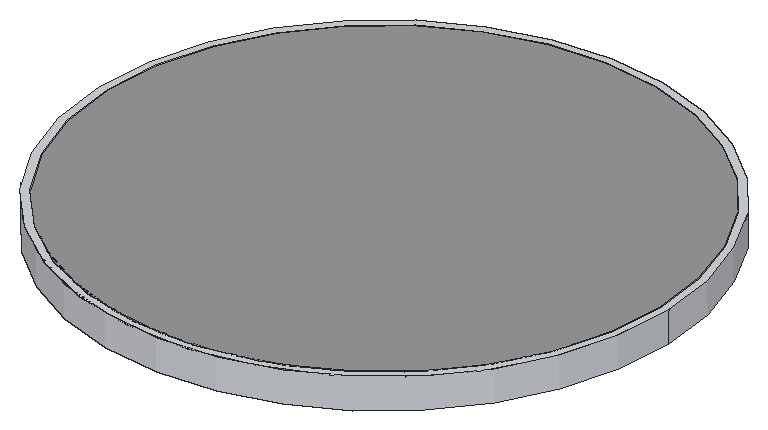
Revit family "2071287", category Lighting Fixtures, host Face, Revit 2018
Family settings
  Host = Face
  Round Connector Dimension = Use Diameter
  Part Type = Junction Box
  OmniClass Number = 23.80.70.00
  OmniClass Title = Lighting
  Cut with Voids When Loaded = No
  Light Source = Yes
  Shared = No
  Room Calculation Point = No
Parameters (values of type "2071287 COLOSSAL 1200 830 PR DIR WHT SSA02")
  iner diameter = 1168 mm
  Weight = "n/a"
  Wattage Comments = ""
  Wattage = 30 W
  WarrantyStartDate [instance] = "n/a"
  WarrantyGuarantorParts = "n/a"
  WarrantyDurationUnit = "n/a"
  WarrantyDurationParts = ""
  WarrantyDescription = "http://www.sylvania-lighting.com"
  built-in parameter 1150110 = 1 (stored number, unit not read)
  Voltage = 230 V
  URL = "0.95"
  TypeName = "COLOSSAL 1200mm 830 PRISM DIR WHITE SSA02"
  Type Image = <None>
  Type Comments = "n/a"
  built-in parameter 1114217 = 1 (stored number, unit not read)
  Tilt Angle = -90.00°
  built-in parameter 1150109 = 1 (stored number, unit not read)
  built-in parameter 1150134 = (empty or 0)
  built-in parameter 1150113 = 1 (stored number, unit not read)
  SerialNumber [instance] = "n/a"
  Photometric Web File = "2071287.ies"
  Material_3_SYL = LED-Sylvania
  PowerFactor = 0
  PowerConsumption = "Lighting"
  NominalLength = 1168 mm
  NominalHeight = 93 mm
  NominalDepth = 1168 mm
  Name = "COLOSSAL 1200mm 830 PRISM DIR WHITE SSA02"
  ModelReference = Name  # "COLOSSAL 1200mm 830 PRISM DIR WHITE SSA02"
  ModelNumber = "2071287"
  Model = Name  # "COLOSSAL 1200mm 830 PRISM DIR WHITE SSA02"
  Material = "Feilo Sylvania"
  ManufacturerName = "131 lm/W"
  Manufacturer = ""
  LuminousEfficacy = ""
  built-in parameter 1150105 = 270.44 (stored number, unit not read)
  Lumens = 3398.4 lm
  LuminaireType = "0"
  built-in parameter 1150115 = 1 (stored number, unit not read)
  LightOutputRatio = "LED"
  built-in parameter 1150137 = (empty or 0)
  built-in parameter 1150139 = (empty or 0)
  LampsType = Lamp  # "n/a"
  LampNominalLuminous = "3000 K"
  LampMacAdamStep = "80"
  LampColourTemperature = "LED"
  LampColourRenderingIndex = "16500"
  built-in parameter 1150112 = 1 (stored number, unit not read)
  built-in parameter 1150114 = 1 (stored number, unit not read)
  Lamp = "n/a"
  Keynote = "n/a"
  InstallationDate [instance] = "n/a"
  InputVoltage = "0"
  InputNominalFrequency = "3000"
  built-in parameter 1150132 = (empty or 0)
  built-in parameter 1150102 = (empty or 0)
  built-in parameter 1150107 = 3000 (stored number, unit not read)
  built-in parameter 1150138 = (empty or 0)
  IngressProtection = "IfcLightFixtureType"
  ImpactProtectionIndex = "IfcLightFixtureType"
  built-in parameter 1150106 = 2.7044 (stored number, unit not read)
  IfcExportType = "IfcLightFixtureType"
  IfcExportAs = "Class I"
  Emit from Circle Diameter = 385 mm
  Emit Shape Visible in Rendering = no
  ElectricShockClassification = "131"
  built-in parameter 1150104 = 10.524 (stored number, unit not read)
  DocumentationLiterature = "http://www.sylvania-lighting.com/product/en-int/products/2071287"
  DimmingControlOptions = "n/a"
  Material_2_SYL = Polycarbonate_Sylvania_White
  Dimming Lamp Color Temperature Shift = <None>
  Description = "1200mm diameter circular architectural luminaire, can be surface mounted or suspended. Powder coated aluminium housing (RAL9016) with PMMA prismatic diffuser. Direct light distribution, 15735lm luminuous flux, 120W system power, 131lm/W luminiaire efficacy. Sylsmart Connected enabled. Colour rendering index Ra >80, 3000K Warm White LED, chromaticity tolerance of 3-step MacAdam ellipse. IP40/IP20, IK03. 350mA drive current. UGR≤19. Electrical protection Class1, 220-240V. Reported lifetime 66k hours L90B10."
  Default Elevation = 1219.2 mm
  CreatedOn = "23/03/2022"
  CreatedBy = "@sylvania-lighting.com"
  Cost = 0
  Color Filter = 16777215
  built-in parameter 1114216 [instance] = (empty or 0)
  ClassificationValue = "EF_70_80"
  ClassificationName = "Uniclass2015"
  Material_1_SYL = Polycarbonate_Sylvania_Opal
  BarCode [instance] = "n/a"
  built-in parameter 1114218 = 1 (stored number, unit not read)
  built-in parameter 1150133 = 10 (stored number, unit not read)
  AssetType = "Fixed"
  AssetIdentifier [instance] = "n/a"
  Assembly Code = "D5020200"
  Apparent Load = 120 VA
  Material_4_SYL = none
Reference planes
  plane 1 "Center (Front/Back)": y = 0
  plane 2: z = 0
  plane 3 "Center (Left/Right)": x = 0
  plane 4: z = 1.161
  plane 5: z = 16.161
  plane 6: y = 584
  plane 7: y = -584
  plane 8: x = 85
  plane 9: x = -85
  plane 10: through (0, 0, 1219.2) normal (0.5, 0.866, 0)
  plane 11: through (42.5, 73.612, 1219.2) normal (0.5, 0.866, 0)
  plane 12: through (-42.5, -73.612, 1219.2) normal (0.5, 0.866, 0)
  plane 13: through (0, 0, 1219.2) normal (0.5, -0.866, 0)
  plane 14: through (-42.5, 73.612, 1219.2) normal (0.5, -0.866, 0)
  plane 15: through (42.5, -73.612, 1219.2) normal (0.5, -0.866, 0)
  plane 16: z = 93
  plane 17: y = 584
  plane 18: y = -584
  plane 19: y = -429
  plane 20: x = -584
  plane 21: x = 584
Forms (mm)
  Extrusion 1, solid, detail levels medium+fine
    sketch origin (0, 0, 0) x (0.866025, -0.5, 0) y (0.5, 0.866025, 0)
      loop
        circle (-50, 86.603) r 22
    from 0 to 2
  Extrusion 2, solid, detail levels medium+fine
    sketch origin (0, 0, 0) x (0.866025, -0.5, 0) y (0.5, 0.866025, 0)
      loop
        circle (100, 0) r 22
      loop
        circle (-50, -86.603) r 22
    from 0 to 2
  Extrusion 3, solid, detail levels medium+fine
    sketch origin (0, 0, 0) x (1, 0, 0) y (0, 1, 0)
      loop
        circle (0, 0) r 584
    from 30 to 93
  Extrusion 4, void
    sketch origin (0, 0, 0) x (1, 0, 0) y (0, 1, 0)
      loop
        circle (0, 0) r 568
    from 96.588 to 37.292
  Extrusion 5, solid, material "Glass, White, High Luminance", detail levels fine
    sketch origin (0, 0, 0) x (1, 0, 0) y (0, 1, 0)
      loop
        circle (0, 0) r 568
    from 88.022 to 93
  Extrusion 6, solid, detail levels coarse
    sketch origin (0, 0, 0) x (1, 0, 0) y (0, 1, 0)
      loop
        line (-584, 584) -> (-584, -584) -> (584, -584) -> (584, 584) -> (-584, 584)
    from 0 to 93
  Blend 7, solid, detail levels medium+fine
    base sketch origin (-10.814, 11.299, 29.922) x (1, 0, 0) y (0, 1, 0)
      loop
        line (-402.654, -330.622) -> (397.346, -330.622) -> (482.346, -183.398) -> (82.346, 509.423) -> (-87.654, 509.423) -> (-487.654, -183.398) -> (-402.654, -330.622)
    top sketch origin (-10.814, 11.299, 29.922) x (1, 0, 0) y (0, 1, 0)
      loop
        line (-363.391, -306.496) -> (364.632, -306.496) -> (449.632, -159.272) -> (87.132, 468.597) -> (-82.868, 468.597) -> (-445.368, -159.272) -> (-363.391, -306.496)
    from 0 to -30
Cuts and joins
  Extrusion 4 cuts Extrusion 1
  Extrusion 4 cuts Extrusion 2
  Extrusion 4 cuts Extrusion 3
Lines and regions (mm)
  model lines, detail levels medium+fine
    curve 1: circle (0, 0, 0) r 155 normal (0, 0, 1)
  reference lines
    curve 2: circle (0, 0, 0) r 489 normal (0, 0, 1)
    curve 3: circle (0, 0, 0) r 521 normal (0, 0, 1)
    curve 4: line (0, 0, 0) -> (606.218, -350, 0)
    curve 5: line (0, 0, 0) -> (0, 825, 0)
    curve 6: line (0, 0, 0) -> (-623.538, -360, 0)
    curve 7: line (639.013, -270.785, 0) -> (85, 49.075, 0)
    curve 8: line (563.718, -423.612, 0) -> (0, -98.15, 0)
    curve 9: line (85, 49.075, 0) -> (85, 825, 0)
    curve 10: line (-85, 49.075, 0) -> (-85, 825, 0)
    curve 11: line (-85, 49.075, 0) -> (-666.038, -286.388, 0)
    curve 12: line (-581.038, -433.612, 0) -> (0, -98.15, 0)
Dimensions and locks
  plane 4 to level = 1.161 mm
  locked: plane 5 to plane 4 at 15
  "NominalDepth": plane 6 to plane 7
  plane 6 to plane 1 "Center (Front/Back)" to plane 7 = 584 mm, 584 mm
  "NominalHeight": level to plane 16
  equal spacing: plane 17, plane 1 "Center (Front/Back)", plane 18
  "NominalLength": plane 20 to plane 21
  equal spacing: plane 20, plane 3 "Center (Left/Right)", plane 21
  aligned and locked: plane 2 to host face
  aligned and locked: level to host face
  aligned and locked: plane 6 to Extrusion 6
Automatic sketch dimensions
  host sketch curve to host sketch curve = 2438.4 mm  (x2)
  Extrusion 1 sketch curve to plane 3 "Center (Left/Right)" = 0 mm
  Extrusion 1 sketch curve to plane 1 "Center (Front/Back)" = 100 mm
  plane 1 "Center (Front/Back)" to Extrusion 2 sketch curve = 50 mm
  Extrusion 2 sketch curve to plane 3 "Center (Left/Right)" = 86.603 mm
  Extrusion 2 sketch curve to Extrusion 2 sketch curve = 150 mm
  Extrusion 2 sketch curve to Extrusion 2 sketch curve = 86.603 mm
  plane 1 "Center (Front/Back)" to curve 1 = 0 mm
  curve 1 to plane 3 "Center (Left/Right)" = 0 mm
  plane 1 "Center (Front/Back)" to Extrusion 3 sketch curve = 0 mm
  Extrusion 3 sketch curve to plane 3 "Center (Left/Right)" = 0 mm
  plane 1 "Center (Front/Back)" to Extrusion 4 sketch curve = 0 mm
  Extrusion 4 sketch curve to plane 3 "Center (Left/Right)" = 0 mm
  plane 1 "Center (Front/Back)" to Extrusion 5 sketch curve = 0 mm
  Extrusion 5 sketch curve to plane 3 "Center (Left/Right)" = 0 mm
  curve 2 to curve 3 = 0 mm  (x2)
  curve 11 to plane 14 = 0 mm
  curve 6 to plane 13 = 0 mm
  curve 12 to plane 15 = 0 mm
  curve 10 to plane 9 = 0 mm
  curve 12 to plane 3 "Center (Left/Right)" = 0 mm
  plane 1 "Center (Front/Back)" to curve 3 = 0 mm
  curve 3 to plane 3 "Center (Left/Right)" = 0 mm
  curve 7 to plane 8 = 0 mm
  curve 11 to plane 10 = 0 mm
  curve 12 to plane 19 = 4.612 mm
  plane 19 to curve 6 = 69 mm
  plane 19 to curve 11 = 142.612 mm
  plane 19 to curve 8 = 5.388 mm
  plane 19 to curve 4 = 79 mm
  plane 19 to curve 7 = 158.215 mm
  plane 6 to curve 5 = 241 mm
  curve 10 to curve 5 = 0 mm
  curve 5 to curve 9 = 0 mm
  plane 1 "Center (Front/Back)" to curve 6 = 0 mm
  curve 6 to plane 3 "Center (Left/Right)" = 0 mm
  Extrusion 6 sketch curve to plane 7 = 0 mm
  Extrusion 6 sketch curve to plane 6 = 0 mm
  Blend 7 sketch curve to plane 6 = 756.098 mm  (x2)
  Blend 7 sketch curve to Blend 7 sketch curve = 85 mm
  plane 3 "Center (Left/Right)" to Blend 7 sketch curve = 386.532 mm
  plane 8 to Blend 7 sketch curve = 386.532 mm
  Blend 7 sketch curve to plane 6 = 63.278 mm
  Blend 7 sketch curve to plane 6 = 731.972 mm  (x2)
  Blend 7 sketch curve to Blend 7 sketch curve = 81.977 mm
  plane 3 "Center (Left/Right)" to Blend 7 sketch curve = 353.818 mm
  plane 8 to Blend 7 sketch curve = 353.818 mm
  Blend 7 sketch curve to plane 6 = 104.104 mm
  plane 12 to curve 8 = 0 mm
  plane 19 to Blend 7 sketch curve = 109.677 mm
  plane 19 to Blend 7 sketch curve = 133.803 mm
  plane 8 to Extrusion 6 sketch curve = 499 mm
  Extrusion 6 sketch curve to plane 9 = 499 mm
  Blend 7 sketch curve to plane 8 = 13.468 mm
  Blend 7 sketch curve to plane 9 = 13.468 mm
  Blend 7 sketch curve to plane 9 = 328.468 mm
  Blend 7 sketch curve to plane 8 = 8.682 mm
  Blend 7 sketch curve to plane 9 = 8.682 mm
  Blend 7 sketch curve to plane 9 = 289.205 mm
  plane 10 to curve 4 = 0 mm
  plane 11 to curve 7 = 0 mm
  curve 12 to plane 12 = 0 mm
  curve 9 to plane 11 = 0 mm
  radius of Extrusion 1 sketch curve = 22 mm
  radius of Extrusion 2 sketch curve = 22 mm  (x2)
  radius of curve 1 = 155 mm
  radius of Extrusion 3 sketch curve = 584 mm
  radius of Extrusion 4 sketch curve = 568 mm
  radius of Extrusion 5 sketch curve = 568 mm
  radius of curve 2 = 489 mm
  radius of curve 3 = 521 mm
Connectors
  electrical at (0, 0, 30)
    settings: on cut or joined group of Extrusion 3, Extrusion 4, index 1, voltage 0 V, apparent load 0 VA, apparent load phase1 0 VA, apparent load phase2 0 VA, apparent load phase3 0 VA, power factor 1, load classification "Other", number of poles 1, system type 31, power factor state 1, is connector primary yes, connector utility no, sub classification motor no, connector description ""
